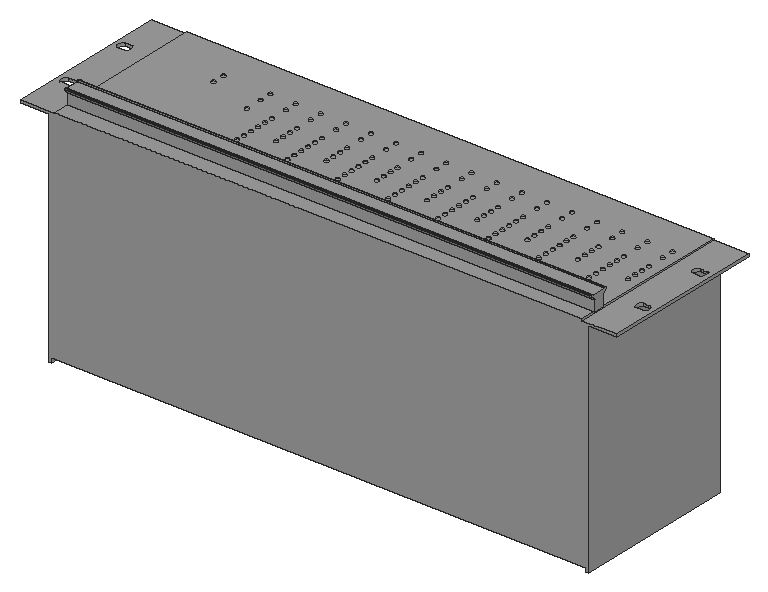
Revit family "Maxlogic Блок интеграции с системой речевого оповещения", category Fire Alarm Devices, host Face, Revit 2021 (continued)
Lines and regions (mm)
  model lines
    curve 100: line (115.405, 10, 266.048) -> (115.405, 122.5, 266.048)
    curve 101: line (133.225, 9.358, 266.048) -> (133.225, 122.5, 266.048)
    curve 102: line (135.725, 10, 266.048) -> (135.725, 122.5, 266.048)
    curve 103: line (153.545, 9.358, 266.048) -> (153.545, 122.5, 266.048)
    curve 104: line (156.045, 10, 266.048) -> (156.045, 122.5, 266.048)
    curve 105: line (174.225, 10, 266.048) -> (174.225, 122.5, 266.048)
    curve 106: line (176.245, 122.5, 266.048) -> (176.245, 10, 266.048)
    curve 107: line (173.745, 0, 266.048) -> (173.745, 132.5, 266.048)
    curve 108: line (-193.995, 112.75, 266.048) -> (-202.995, 112.75, 266.048)
    curve 109: line (-193.995, 116.75, 266.048) -> (-193.995, 112.75, 266.048)
    curve 110: line (-187.995, 116.75, 266.048) -> (-193.995, 116.75, 266.048)
    curve 111: line (-202.995, 112.75, 266.048) -> (-202.995, 61.214, 266.048)
    curve 112: arc (-202.995, 47.986, 266.048) -> (-206.495, 54.6, 266.048) -> (-202.995, 61.214, 266.048) r 8
    curve 113: line (-202.995, 47.986, 266.048) -> (-202.995, 19.75, 266.048)
    curve 114: line (-202.995, 19.75, 266.048) -> (-193.995, 19.75, 266.048)
    curve 115: line (-193.995, 19.75, 266.048) -> (-193.995, 15.75, 266.048)
    curve 116: line (-193.995, 15.75, 266.048) -> (-187.995, 15.75, 266.048)
    curve 117: line (-187.995, 15.75, 266.048) -> (-187.995, 116.75, 266.048)
    curve 118: line (-187.995, 116.75, 266.048) -> (-193.995, 116.75, 266.048)
    curve 119: arc (-244.995, 103.75, 266.048) -> (-247.995, 100.75, 266.048) -> (-250.995, 103.75, 266.048) r 3
    curve 120: arc (-250.995, 103.75, 266.048) -> (-247.995, 106.75, 266.048) -> (-244.995, 103.75, 266.048) r 3
    curve 121: arc (-249.495, 103.75, 266.048) -> (-247.995, 102.25, 266.048) -> (-246.495, 103.75, 266.048) r 1.5
    curve 122: arc (-246.495, 103.75, 266.048) -> (-247.995, 105.25, 266.048) -> (-249.495, 103.75, 266.048) r 1.5
    curve 123: arc (-172.995, 103.75, 266.048) -> (-175.995, 100.75, 266.048) -> (-178.995, 103.75, 266.048) r 3
    curve 124: arc (-178.995, 103.75, 266.048) -> (-175.995, 106.75, 266.048) -> (-172.995, 103.75, 266.048) r 3
    curve 125: arc (-177.495, 103.75, 266.048) -> (-175.995, 102.25, 266.048) -> (-174.495, 103.75, 266.048) r 1.5
    curve 126: arc (-174.495, 103.75, 266.048) -> (-175.995, 105.25, 266.048) -> (-177.495, 103.75, 266.048) r 1.5
Dimensions and locks
  aligned and locked: plane 2 to host face
  aligned and locked: level to host face
